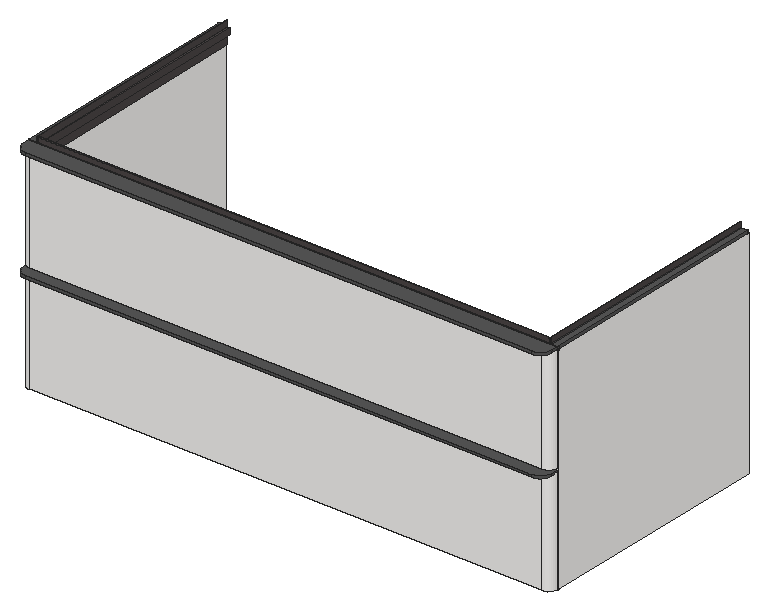
Revit family "vanity unit with 2 drawers for consoles with bowl", category Furniture, Revit 2019 (continued)
Definition of nested family "vanity unit 980_550 with 2 drawers for consoles with bowl-54081700-dark walnut-matt_white-200_content"
  Forms (mm)
    Extrusion 10, solid, visible <- "ContentVisible", detail levels medium+fine
      sketch origin (0, 0, 0) x (0, 0, -1) y (0, 1, 0)
        loop
          line (-496, -528.5) -> (-447, -528.5) -> (-447, -522.4) -> (-496, -522.4) -> (-496, -528.5)
      from -472.5 to 472.5
    Extrusion 11, solid, visible <- "ContentVisible", detail levels coarse
      sketch origin (0, -285.5, 0) x (1, 0, 0) y (0, 1, 0)
        loop
          line (-490, -285.5) -> (490, -285.5) -> (490, 285.5) -> (-490, 285.5) -> (-490, -285.5)
      from 0 to 496
  Dimensions and locks
    aligned and locked: level to plane 2
Definition of nested family "vanity unit 980_550 with 2 drawers for consoles with bowl-54081700-dark walnut-matt_white-400_content"
  Parameters (values of type "Vanity unit 980_550 with 2 drawers for consoles with bowl-54081700-Dark Walnut-MATT_WHITE-400_Content")
    etim7_EC011381 = "EC011381"
    WEIGHT = "37.4"
    UNSPSC = "56 | Furniture and Furnishings"
    UNIFORMATII = "E2010 | Fixed Furnishings"
    UNICLASS_2015_CODE = "40_30_78_05"
    UNICLASS2015 = "Pr_40_30_78_05 | Bathroom furniture"
    SURFACE = "MATT_WHITE"
    REGIONSET = "Worldwide"
    PRODUCTURL = "https://pro.hansgrohe.com/articledetail--54081000"
    PRODUCTGROUP = "vanity unit"
    PRODUCTFAMILY = "Xelu Q"
    PERMALINK = "54081XXX"
    OMNICLASS = "23-21 19 15 33 13 | Residential Bathroom Specialty Casework"
    OBJECTTYPE = "Object (single object)"
    OBERFLAECHE = "Dark Walnut"
    NN = "Vanity unit with 2 drawers for consoles with bowl"
    NBSYN = "$BASENUMBER.-$ARTNR.-$OBERFLAECHE.-$SURFACE.-$LODLEVEL."
    NB = "Vanity unit 980/550 with 2 drawers for consoles with bowl-54081700-Dark Walnut-MATT_WHITE-400"
    NAME = "Xelu Q Vanity unit Dark Walnut 980/550 with 2 drawers for consoles with bowl"
    Model = "Vanity unit 980/550 with 2 drawers for consoles with bowl-54081700-Dark Walnut-MATT_WHITE-400"
    Manufacturer = "Hansgrohe"
    MASTERFORMAT = "12 35 30.23 | Bathroom Casework"
    LODLEVEL = "400"
    LINA = "Vanity unit 980/550 with 2 drawers for consoles with bowl-54081700-Dark Walnut-MATT_WHITE-400"
    L = 980
    IFC = "Furnishing element"
    GTINCODE = "4059625456729"
    ETIM = "EC011381 | Bathroom furniture set"
    Default Elevation = 1219.2 mm
    DESIGN = "Germany"
    ContentVisible [instance] = yes
    CATALOG = "Hansgrohe"
    BIMOBJECT = "Sanitary: Compound units"
    BASENUMBER = "Vanity unit 980/550 with 2 drawers for consoles with bowl"
    ARTNR = "54081700"
  Reference planes
    plane 1 "Center (Front/Back)": y = 0
    plane 2: z = 0
    plane 3 "Center (Left/Right)": x = 0
  Forms (mm)
    Extrusion 1, solid, visible <- "ContentVisible", detail levels medium+fine
      sketch origin (0, 0, 0) x (1, 0, 0) y (0, 1, 0)
        loop
          line (-490, 0) -> (-490, -527)
          arc (-490, -527) -> (-489.121, -529.121) -> (-487, -530) r 3
          line (-487, -530) -> (-474, -530) -> (-474, 0) -> (-490, 0)
      from 0 to 480
    Extrusion 2, solid, visible <- "ContentVisible", detail levels medium+fine
      sketch origin (0, 0, 0) x (1, 0, 0) y (0, 1, 0)
        loop
          line (-474, -133) -> (-474, -499.5) -> (474, -499.5) -> (474, -133) -> (-474, -133)
      from 0 to 16
    Extrusion 3, solid, visible <- "ContentVisible", detail levels medium+fine
      sketch origin (0, 0, 0) x (1, 0, 0) y (0, 1, 0)
        loop
          line (474, 0) -> (474, -530) -> (487, -530)
          arc (487, -530) -> (489.121, -529.121) -> (490, -527) r 3
          line (490, -527) -> (490, 0) -> (474, 0)
      from 0 to 480
    Extrusion 4, solid, visible <- "ContentVisible", detail levels medium+fine
      sketch origin (0, 0, 0) x (1, 0, 0) y (0, 1, 0)
        loop
          line (-474, -117) -> (-474, -133) -> (474, -133) -> (474, -117) -> (-474, -117)
      from 0 to 126
    Extrusion 5, solid, visible <- "ContentVisible", detail levels medium+fine
      sketch origin (0, 0, 2) x (1, 0, 0) y (0, 1, 0)
        loop
          line (-490, -530) -> (-490, -532)
          arc (-490, -532) -> (-484.435, -545.435) -> (-471, -551) r 19
          line (-471, -551) -> (471, -551)
          arc (471, -551) -> (484.435, -545.435) -> (490, -532) r 19
          line (490, -532) -> (490, -530) -> (-490, -530)
      from 0 to 234
    Extrusion 6, solid, visible <- "ContentVisible", detail levels medium+fine
      sketch origin (0, 0, 234) x (1, 0, 0) y (0, 1, 0)
        loop
          line (-488.5, -530) -> (-488.5, -546)
          arc (-488.5, -546) -> (-481.178, -563.678) -> (-463.5, -571) r 25
          line (-463.5, -571) -> (463.5, -571)
          arc (463.5, -571) -> (481.178, -563.678) -> (488.5, -546) r 25
          line (488.5, -546) -> (488.5, -530) -> (468.5, -530) -> (468.5, -528.5) -> (-468.5, -528.5) -> (-468.5, -530) -> (-488.5, -530)
      from 0 to 5
    Extrusion 7, solid, visible <- "ContentVisible", detail levels medium+fine
      sketch origin (0, 0, 0) x (0, 0, -1) y (0, 1, 0)
        loop
          line (-239, -528.5) -> (-239, -530) -> (-209, -530) -> (-209, -528.5) -> (-239, -528.5)
      from -468.5 to 468.5
    Extrusion 8, solid, visible <- "ContentVisible", detail levels medium+fine
      sketch origin (0, 0, 245) x (1, 0, 0) y (0, 1, 0)
        loop
          line (-490, -530) -> (-490, -532)
          arc (-490, -532) -> (-484.435, -545.435) -> (-471, -551) r 19
          line (-471, -551) -> (471, -551)
          arc (471, -551) -> (484.435, -545.435) -> (490, -532) r 19
          line (490, -532) -> (490, -530) -> (-490, -530)
      from 0 to 235
    Extrusion 9, solid, visible <- "ContentVisible", detail levels medium+fine
      sketch origin (0, 0, 480) x (1, 0, 0) y (0, 1, 0)
        loop
          line (-488.5, -530) -> (-488.5, -546)
          arc (-488.5, -546) -> (-481.178, -563.678) -> (-463.5, -571) r 25
          line (-463.5, -571) -> (463.5, -571)
          arc (463.5, -571) -> (481.178, -563.678) -> (488.5, -546) r 25
          line (488.5, -546) -> (488.5, -530) -> (468.5, -530) -> (468.5, -528.5) -> (-468.5, -528.5) -> (-468.5, -530) -> (-488.5, -530)
      from 0 to 5
    Extrusion 10, solid, visible <- "ContentVisible", detail levels medium+fine
      sketch origin (0, 0, 0) x (0, 0, -1) y (0, 1, 0)
        loop
          line (-485, -528.5) -> (-485, -530) -> (-455, -530) -> (-455, -528.5) -> (-485, -528.5)
      from -468.5 to 468.5
    Extrusion 11, solid, visible <- "ContentVisible", detail levels medium+fine
      sketch origin (0, 0, 0) x (1, 0, 0) y (0, 0, -1)
        loop
          line (-474, -447) -> (-474, -485) -> (-472.5, -485) -> (-472.5, -447) -> (-474, -447)
      from -530 to 0
    Extrusion 12, solid, visible <- "ContentVisible", detail levels medium+fine
      sketch origin (0, 0, 0) x (1, 0, 0) y (0, 0, -1)
        loop
          line (472.5, -446.8) -> (472.5, -485) -> (474, -485) -> (474, -446.8) -> (472.5, -446.8)
      from -530 to 0
    Extrusion 13, solid, visible <- "ContentVisible", detail levels medium+fine
      sketch origin (0, 0, 480) x (1, 0, 0) y (0, 1, 0)
        loop
          line (-490, -3) -> (-490, -527)
          arc (-490, -527) -> (-489.121, -529.121) -> (-487, -530) r 3
          line (-487, -530) -> (-474, -530) -> (-474, 0) -> (-487, 0)
          arc (-487, 0) -> (-489.121, -0.879) -> (-490, -3) r 3
      from 0 to 5
    Extrusion 14, solid, visible <- "ContentVisible", detail levels medium+fine
      sketch origin (0, 0, 480) x (1, 0, 0) y (0, 1, 0)
        loop
          line (474, 0) -> (474, -530) -> (487, -530)
          arc (487, -530) -> (489.121, -529.121) -> (490, -527) r 3
          line (490, -527) -> (490, -3)
          arc (490, -3) -> (489.121, -0.879) -> (487, 0) r 3
          line (487, 0) -> (474, 0)
      from 0 to 5
    Extrusion 15, solid, visible <- "ContentVisible", detail levels medium+fine
      sketch origin (0, 0, 0) x (1, 0, 0) y (0, 0, -1)
        loop
          line (-472.5, -447) -> (-472.5, -496) -> (-471, -496) -> (-471, -483) -> (-466.4, -483) -> (-466.4, -468.5) -> (-471, -468.5) -> (-471, -447) -> (-472.5, -447)
      from -528.5 to 0
    Extrusion 16, solid, visible <- "ContentVisible", detail levels medium+fine
      sketch origin (0, 0, 0) x (1, 0, 0) y (0, 0, -1)
        loop
          line (466.4, -468.5) -> (466.4, -483) -> (471, -483) -> (471, -496) -> (472.5, -496) -> (472.5, -447) -> (471, -447) -> (471, -468.5) -> (466.4, -468.5)
      from -528.5 to 0
    Extrusion 17, solid, visible <- "ContentVisible", detail levels medium+fine
      sketch origin (0, 0, 0) x (0, 0, -1) y (0, 1, 0)
        loop
          line (-496, -528.5) -> (-447, -528.5) -> (-447, -527) -> (-468.5, -527) -> (-468.5, -522.4) -> (-483, -522.4) -> (-483, -527) -> (-496, -527) -> (-496, -528.5)
      from -472.5 to 472.5
    Extrusion 18, solid, visible <- "ContentVisible", detail levels coarse
      sketch origin (0, -285.5, 0) x (1, 0, 0) y (0, 1, 0)
        loop
          line (-490, -285.5) -> (490, -285.5) -> (490, 285.5) -> (-490, 285.5) -> (-490, -285.5)
      from 0 to 496
  Dimensions and locks
    aligned and locked: level to plane 2
Types (72, lengths in mm): name | WEIGHT | Vanity unit 980_550 with 2 drawers for consoles with bowl-54081700-Dark Walnut-MATT_WHITE-400_RX0RY0RZ0TX0TY0TZ0_V | Vanity unit 980_550 with 2 drawers for consoles with bowl-54081700-Dark Walnut-MATT_WHITE-200_RX0RY0RZ0TX0TY0TZ0_V | Vanity unit 980_550 with 2 drawers for consoles with bowl-54081670-Dark Walnut-MATT_BLACK-400_RX0RY0RZ0TX0TY0TZ0_V | Vanity unit 980_550 with 2 drawers for consoles with bowl-54081670-Dark Walnut-MATT_BLACK-200_RX0RY0RZ0TX0TY0TZ0_V | Vanity unit 980_550 with 2 drawers for consoles with bowl-54081000-Dark Walnut-CHROME-400_RX0RY0RZ0TX0TY0TZ0_V | Vanity unit 980_550 with 2 drawers for consoles with bowl-54081000-Dark Walnut-CHROME-200_RX0RY0RZ0TX0TY0TZ0_V | Vanity unit 980_550 with 2 drawers for consoles with bowl-54080700-Natural Oak-MATT_WHITE-400_RX0RY0RZ0TX0TY0TZ0_V | Vanity unit 980_550 with 2 drawers for consoles with bowl-54080700-Natural Oak-MATT_WHITE-200_RX0RY0RZ0TX0TY0TZ0_V | Vanity unit 980_550 with 2 drawers for consoles with bowl-54080670-Natural Oak-MATT_BLACK-400_RX0RY0RZ0TX0TY0TZ0_V | Vanity unit 980_550 with 2 drawers for consoles with bowl-54080670-Natural Oak-MATT_BLACK-200_RX0RY0RZ0TX0TY0TZ0_V | Vanity unit 980_550 with 2 drawers for consoles with bowl-54080000-Natural Oak-CHROME-400_RX0RY0RZ0TX0TY0TZ0_V | Vanity unit 980_550 with 2 drawers for consoles with bowl-54080000-Natural Oak-CHROME-200_RX0RY0RZ0TX0TY0TZ0_V | Vanity unit 980_550 with 2 drawers for consoles with bowl-54079700-Diamond Matt Grey-MATT_WHITE-400_RX0RY0RZ0TX0TY0TZ0_V | Vanity unit 980_550 with 2 drawers for consoles with bowl-54079700-Diamond Matt Grey-MATT_WHITE-200_RX0RY0RZ0TX0TY0TZ0_V | Vanity unit 980_550 with 2 drawers for consoles with bowl-54079670-Diamond Matt Grey-MATT_BLACK-400_RX0RY0RZ0TX0TY0TZ0_V | Vanity unit 980_550 with 2 drawers for consoles with bowl-54079670-Diamond Matt Grey-MATT_BLACK-200_RX0RY0RZ0TX0TY0TZ0_V | Vanity unit 980_550 with 2 drawers for consoles with bowl-54079000-Diamond Matt Grey-CHROME-400_RX0RY0RZ0TX0TY0TZ0_V | Vanity unit 980_550 with 2 drawers for consoles with bowl-54079000-Diamond Matt Grey-CHROME-200_RX0RY0RZ0TX0TY0TZ0_V | Vanity unit 980_550 with 2 drawers for consoles with bowl-54078700-High Gloss White-MATT_WHITE-400_RX0RY0RZ0TX0TY0TZ0_V | Vanity unit 980_550 with 2 drawers for consoles with bowl-54078700-High Gloss White-MATT_WHITE-200_RX0RY0RZ0TX0TY0TZ0_V | Vanity unit 980_550 with 2 drawers for consoles with bowl-54078670-High Gloss White-MATT_BLACK-400_RX0RY0RZ0TX0TY0TZ0_V | Vanity unit 980_550 with 2 drawers for consoles with bowl-54078670-High Gloss White-MATT_BLACK-200_RX0RY0RZ0TX0TY0TZ0_V | Vanity unit 980_550 with 2 drawers for consoles with bowl-54078000-High Gloss White-CHROME-400_RX0RY0RZ0TX0TY0TZ0_V | Vanity unit 980_550 with 2 drawers for consoles with bowl-54078000-High Gloss White-CHROME-200_RX0RY0RZ0TX0TY0TZ0_V | Vanity unit 780_550 with 2 drawers for consoles with bowl-54077700-Dark Walnut-MATT_WHITE-400_RX0RY0RZ0TX0TY0TZ0_V | Vanity unit 780_550 with 2 drawers for consoles with bowl-54077700-Dark Walnut-MATT_WHITE-200_RX0RY0RZ0TX0TY0TZ0_V | Vanity unit 780_550 with 2 drawers for consoles with bowl-54077670-Dark Walnut-MATT_BLACK-400_RX0RY0RZ0TX0TY0TZ0_V | Vanity unit 780_550 with 2 drawers for consoles with bowl-54077670-Dark Walnut-MATT_BLACK-200_RX0RY0RZ0TX0TY0TZ0_V | Vanity unit 780_550 with 2 drawers for consoles with bowl-54077000-Dark Walnut-CHROME-400_RX0RY0RZ0TX0TY0TZ0_V | Vanity unit 780_550 with 2 drawers for consoles with bowl-54077000-Dark Walnut-CHROME-200_RX0RY0RZ0TX0TY0TZ0_V | Vanity unit 780_550 with 2 drawers for consoles with bowl-54076700-Natural Oak-MATT_WHITE-400_RX0RY0RZ0TX0TY0TZ0_V | Vanity unit 780_550 with 2 drawers for consoles with bowl-54076700-Natural Oak-MATT_WHITE-200_RX0RY0RZ0TX0TY0TZ0_V | Vanity unit 780_550 with 2 drawers for consoles with bowl-54076670-Natural Oak-MATT_BLACK-400_RX0RY0RZ0TX0TY0TZ0_V | Vanity unit 780_550 with 2 drawers for consoles with bowl-54076670-Natural Oak-MATT_BLACK-200_RX0RY0RZ0TX0TY0TZ0_V | Vanity unit 780_550 with 2 drawers for consoles with bowl-54076000-Natural Oak-CHROME-400_RX0RY0RZ0TX0TY0TZ0_V | Vanity unit 780_550 with 2 drawers for consoles with bowl-54076000-Natural Oak-CHROME-200_RX0RY0RZ0TX0TY0TZ0_V | Vanity unit 780_550 with 2 drawers for consoles with bowl-54075700-Diamond Matt Grey-MATT_WHITE-400_RX0RY0RZ0TX0TY0TZ0_V | Vanity unit 780_550 with 2 drawers for consoles with bowl-54075700-Diamond Matt Grey-MATT_WHITE-200_RX0RY0RZ0TX0TY0TZ0_V | Vanity unit 780_550 with 2 drawers for consoles with bowl-54075670-Diamond Matt Grey-MATT_BLACK-400_RX0RY0RZ0TX0TY0TZ0_V | Vanity unit 780_550 with 2 drawers for consoles with bowl-54075670-Diamond Matt Grey-MATT_BLACK-200_RX0RY0RZ0TX0TY0TZ0_V | Vanity unit 780_550 with 2 drawers for consoles with bowl-54075000-Diamond Matt Grey-CHROME-400_RX0RY0RZ0TX0TY0TZ0_V | Vanity unit 780_550 with 2 drawers for consoles with bowl-54075000-Diamond Matt Grey-CHROME-200_RX0RY0RZ0TX0TY0TZ0_V | Vanity unit 780_550 with 2 drawers for consoles with bowl-54074700-High Gloss White-MATT_WHITE-400_RX0RY0RZ0TX0TY0TZ0_V | Vanity unit 780_550 with 2 drawers for consoles with bowl-54074700-High Gloss White-MATT_WHITE-200_RX0RY0RZ0TX0TY0TZ0_V | Vanity unit 780_550 with 2 drawers for consoles with bowl-54074670-High Gloss White-MATT_BLACK-400_RX0RY0RZ0TX0TY0TZ0_V | Vanity unit 780_550 with 2 drawers for consoles with bowl-54074670-High Gloss White-MATT_BLACK-200_RX0RY0RZ0TX0TY0TZ0_V | Vanity unit 780_550 with 2 drawers for consoles with bowl-54074000-High Gloss White-CHROME-400_RX0RY0RZ0TX0TY0TZ0_V | Vanity unit 780_550 with 2 drawers for consoles with bowl-54074000-High Gloss White-CHROME-200_RX0RY0RZ0TX0TY0TZ0_V | Vanity unit 1180_550 with 2 drawers for consoles with bowl-54085700-Dark Walnut-MATT_WHITE-400_RX0RY0RZ0TX0TY0TZ0_V | Vanity unit 1180_550 with 2 drawers for consoles with bowl-54085700-Dark Walnut-MATT_WHITE-200_RX0RY0RZ0TX0TY0TZ0_V | Vanity unit 1180_550 with 2 drawers for consoles with bowl-54085670-Dark Walnut-MATT_BLACK-400_RX0RY0RZ0TX0TY0TZ0_V | Vanity unit 1180_550 with 2 drawers for consoles with bowl-54085670-Dark Walnut-MATT_BLACK-200_RX0RY0RZ0TX0TY0TZ0_V | Vanity unit 1180_550 with 2 drawers for consoles with bowl-54085000-Dark Walnut-CHROME-400_RX0RY0RZ0TX0TY0TZ0_V | Vanity unit 1180_550 with 2 drawers for consoles with bowl-54085000-Dark Walnut-CHROME-200_RX0RY0RZ0TX0TY0TZ0_V | Vanity unit 1180_550 with 2 drawers for consoles with bowl-54084700-Natural Oak-MATT_WHITE-400_RX0RY0RZ0TX0TY0TZ0_V | Vanity unit 1180_550 with 2 drawers for consoles with bowl-54084700-Natural Oak-MATT_WHITE-200_RX0RY0RZ0TX0TY0TZ0_V | Vanity unit 1180_550 with 2 drawers for consoles with bowl-54084670-Natural Oak-MATT_BLACK-400_RX0RY0RZ0TX0TY0TZ0_V | Vanity unit 1180_550 with 2 drawers for consoles with bowl-54084670-Natural Oak-MATT_BLACK-200_RX0RY0RZ0TX0TY0TZ0_V | Vanity unit 1180_550 with 2 drawers for consoles with bowl-54084000-Natural Oak-CHROME-400_RX0RY0RZ0TX0TY0TZ0_V | Vanity unit 1180_550 with 2 drawers for consoles with bowl-54084000-Natural Oak-CHROME-200_RX0RY0RZ0TX0TY0TZ0_V | Vanity unit 1180_550 with 2 drawers for consoles with bowl-54083700-Diamond Matt Grey-MATT_WHITE-400_RX0RY0RZ0TX0TY0TZ0_V | Vanity unit 1180_550 with 2 drawers for consoles with bowl-54083700-Diamond Matt Grey-MATT_WHITE-200_RX0RY0RZ0TX0TY0TZ0_V | Vanity unit 1180_550 with 2 drawers for consoles with bowl-54083670-Diamond Matt Grey-MATT_BLACK-400_RX0RY0RZ0TX0TY0TZ0_V | Vanity unit 1180_550 with 2 drawers for consoles with bowl-54083670-Diamond Matt Grey-MATT_BLACK-200_RX0RY0RZ0TX0TY0TZ0_V | Vanity unit 1180_550 with 2 drawers for consoles with bowl-54083000-Diamond Matt Grey-CHROME-400_RX0RY0RZ0TX0TY0TZ0_V | Vanity unit 1180_550 with 2 drawers for consoles with bowl-54083000-Diamond Matt Grey-CHROME-200_RX0RY0RZ0TX0TY0TZ0_V | Vanity unit 1180_550 with 2 drawers for consoles with bowl-54082700-High Gloss White-MATT_WHITE-400_RX0RY0RZ0TX0TY0TZ0_V | Vanity unit 11
  80_550 with 2 drawers for consoles with bowl-54082700-High Gloss White-MATT_WHITE-200_RX0RY0RZ0TX0TY0TZ0_V | Vanity unit 1180_550 with 2 drawers for consoles with bowl-54082670-High Gloss White-MATT_BLACK-400_RX0RY0RZ0TX0TY0TZ0_V | Vanity unit 1180_550 with 2 drawers for consoles with bowl-54082670-High Gloss White-MATT_BLACK-200_RX0RY0RZ0TX0TY0TZ0_V | Vanity unit 1180_550 with 2 drawers for consoles with bowl-54082000-High Gloss White-CHROME-400_RX0RY0RZ0TX0TY0TZ0_V | Vanity unit 1180_550 with 2 drawers for consoles with bowl-54082000-High Gloss White-CHROME-200_RX0RY0RZ0TX0TY0TZ0_V | SURFACE | PRODUCTURL | PERMALINK | OBERFLAECHE | NB | NAME | Model | MIdent | LODLEVEL | LINA | L | GTINCODE | BASENUMBER | ARTNR
  Vanity unit 1180_550 with 2 drawers for consoles with bowl-54082000-High Gloss White-CHROME-200 | "42.7" | no | no | no | no | no | no | no | no | no | no | no | no | no | no | no | no | no | no | no | no | no | no | no | no | no | no | no | no | no | no | no | no | no | no | no | no | no | no | no | no | no | no | no | no | no | no | no | no | no | no | no | no | no | no | no | no | no | no | no | no | no | no | no | no | no | no | no | no | no | no | no | yes | "CHROME" | "https://pro.hansgrohe.com/articledetail--54082000" | "54082XXX" | "High Gloss White" | "Vanity unit 1180/550 with 2 drawers for consoles with bowl-54082000-High Gloss White-CHROME-200" | "Xelu Q Vanity unit High Gloss White 1180/550 with 2 drawers for consoles with bowl" | "Vanity unit 1180/550 with 2 drawers for consoles with bowl-54082000-High Gloss White-CHROME-200" | "{$CADENAS_DATA/23d-libs/hansgrohe/xelu_furniture/vanity_unit_2_drawers_for_consoles_with_bowl/vanity_unit_2_drawers_for_consoles_with_bowl.prj},382 {VTYP=3D},{NB=Vanity unit 1180/550 with 2 drawers for consoles with bowl-54082000-High Gloss White-CHROME-200},{LINA=Vanity unit 1180/550 with 2 drawers for consoles with bowl-54082000-High Gloss White-CHROME-200},{NN=Vanity unit with 2 drawers for consoles with bowl},{DATE=13.03.2023 03:03:55},{GEOMDATE=08.03.2023 13:53:52},{VERSION=},{LINEID=490},{WBVAR=LODLEVEL},{WBNUMERIC=}  {NB=Vanity unit 1180/550 with 2 drawers for consoles with bowl-54082000-High Gloss White-CHROME-200},{LINA=Vanity unit 1180/550 with 2 drawers for consoles with bowl-54082000-High Gloss White-CHROME-200},{KT=DUMMY},{IDNR=25},{ARTNR=54082000},{BASENUMBER=Vanity unit 1180/550 with 2 drawers for consoles with bowl},{MODEL=54082XXX},{OBERFLAECHE=High Gloss White},{SURFACE=CHROME},{L=1180},{LODLEVEL=200},{LODLEVELX='400','400','200','200'},{NAME=Xelu Q Vanity unit High Gloss White 1180/550 with 2 drawers for consoles with bowl},{PERMALINK=54082XXX},{OBJECTTYPE=Object (single object)},{BIMOBJECT=Sanitary: Compound units},{PRODUCTFAMILY=Xelu Q},{PRODUCTGROUP=vanity unit},{WEIGHT=42.7},{DESCRIPTION=Xelu Q Vanity unit High Gloss White 1180/550 with 2 drawers for consoles with bowl},{SPECIFICATION=},{PRODUCTURL=https://pro.hansgrohe.com/articledetail--54082000},{GTINCODE=4059625456699},{TENDERURL=},{IFC=Furnishing element},{ETIM=EC011381 | Bathroom furniture set},{UNICLASS2015=Pr_40_30_78_05 | Bathroom furniture},{OMNICLASS=23-21 19 15 33 13 | Residential Bathroom Specialty Casework},{MASTERFORMAT=12 35 30.23 | Bathroom Casework},{UNSPSC=56 | Furniture and Furnishings},{UNIFORMATII=E2010 | Fixed Furnishings},{DESIGN=Germany},{MANUFACTURER=Germany},{REGIONSET=Worldwide}" | "200" | "Vanity unit 1180/550 with 2 drawers for consoles with bowl-54082000-High Gloss White-CHROME-200" | 1180 | "4059625456699" | "Vanity unit 1180/550 with 2 drawers for consoles with bowl" | "54082000"
  Vanity unit 1180_550 with 2 drawers for consoles with bowl-54082000-High Gloss White-CHROME-400 | "42.7" | no | no | no | no | no | no | no | no | no | no | no | no | no | no | no | no | no | no | no | no | no | no | no | no | no | no | no | no | no | no | no | no | no | no | no | no | no | no | no | no | no | no | no | no | no | no | no | no | no | no | no | no | no | no | no | no | no | no | no | no | no | no | no | no | no | no | no | no | no | no | yes | no | "CHROME" | "https://pro.hansgrohe.com/articledetail--54082000" | "54082XXX" | "High Gloss White" | "Vanity unit 1180/550 with 2 drawers for consoles with bowl-54082000-High Gloss White-CHROME-400" | "Xelu Q Vanity unit High Gloss White 1180/550 with 2 drawers for consoles with bowl" | "Vanity unit 1180/550 with 2 drawers for consoles with bowl-54082000-High Gloss White-CHROME-400" | "{$CADENAS_DATA/23d-libs/hansgrohe/xelu_furniture/vanity_unit_2_drawers_for_consoles_with_bowl/vanity_unit_2_drawers_for_consoles_with_bowl.prj},382 {VTYP=3D},{NB=Vanity unit 1180/550 with 2 drawers for consoles with bowl-54082000-High Gloss White-CHROME-400},{LINA=Vanity unit 1180/550 with 2 drawers for consoles with bowl-54082000-High Gloss White-CHROME-400},{NN=Vanity unit with 2 drawers for consoles with bowl},{DATE=13.03.2023 03:03:55},{GEOMDATE=08.03.2023 13:53:52},{VERSION=},{LINEID=490},{WBVAR=LODLEVEL},{WBNUMERIC=}  {NB=Vanity unit 1180/550 with 2 drawers for consoles with bowl-54082000-High Gloss White-CHROME-400},{LINA=Vanity unit 1180/550 with 2 drawers for consoles with bowl-54082000-High Gloss White-CHROME-400},{KT=DUMMY},{IDNR=25},{ARTNR=54082000},{BASENUMBER=Vanity unit 1180/550 with 2 drawers for consoles with bowl},{MODEL=54082XXX},{OBERFLAECHE=High Gloss White},{SURFACE=CHROME},{L=1180},{LODLEVEL=400},{LODLEVELX='400','400','200','200'},{NAME=Xelu Q Vanity unit High Gloss White 1180/550 with 2 drawers for consoles with bowl},{PERMALINK=54082XXX},{OBJECTTYPE=Object (single object)},{BIMOBJECT=Sanitary: Compound units},{PRODUCTFAMILY=Xelu Q},{PRODUCTGROUP=vanity unit},{WEIGHT=42.7},{DESCRIPTION=Xelu Q Vanity unit High Gloss White 1180/550 with 2 drawers for consoles with bowl},{SPECIFICATION=},{PRODUCTURL=https://pro.hansgrohe.com/articledetail--54082000},{GTINCODE=4059625456699},{TENDERURL=},{IFC=Furnishing element},{ETIM=EC011381 | Bathroom furniture set},{UNICLASS2015=Pr_40_30_78_05 | Bathroom furniture},{OMNICLASS=23-21 19 15 33 13 | Residential Bathroom Specialty Casework},{MASTERFORMAT=12 35 30.23 | Bathroom Casework},{UNSPSC=56 | Furniture and Furnishings},{UNIFORMATII=E2010 | Fixed Furnishings},{DESIGN=Germany},{MANUFACTURER=Germany},{REGIONSET=Worldwide}" | "400" | "Vanity unit 1180/550 with 2 drawers for consoles with bowl-54082000-High Gloss White-CHROME-400" | 1180 | "4059625456699" | "Vanity unit 1180/550 with 2 drawers for consoles with bowl" | "54082000"
  Vanity unit 1180_550 with 2 drawers for consoles with bowl-54082670-High Gloss White-MATT_BLACK-200 | "42.7" | no | no | no | no | no | no | no | no | no | no | no | no | no | no | no | no | no | no | no | no | no | no | no | no | no | no | no | no | no | no | no | no | no | no | no | no | no | no | no | no | no | no | no | no | no | no | no | no | no | no | no | no | no | no | no | no | no | no | no | no | no | no | no | no | no | no | no | no | no | yes | no | no | "MATT_BLACK" | "https://pro.hansgrohe.com/articledetail--54082000" | "54082XXX" | "High Gloss White" | "Vanity unit 1180/550 with 2 drawers for consoles with bowl-54082670-High Gloss White-MATT_BLACK-200" | "Xelu Q Vanity unit High Gloss White 1180/550 with 2 drawers for consoles with bowl" | "Vanity unit 1180/550 with 2 drawers for consoles with bowl-54082670-High Gloss White-MATT_BLACK-200" | "{$CADENAS_DATA/23d-libs/hansgrohe/xelu_furniture/vanity_unit_2_drawers_for_consoles_with_bowl/vanity_unit_2_drawers_for_consoles_with_bowl.prj},390 {VTYP=3D},{NB=Vanity unit 1180/550 with 2 drawers for consoles with bowl-54082670-High Gloss White-MATT_BLACK-200},{LINA=Vanity unit 1180/550 with 2 drawers for consoles with bowl-54082670-High Gloss White-MATT_BLACK-200},{NN=Vanity unit with 2 drawers for consoles with bowl},{DATE=13.03.2023 03:03:55},{GEOMDATE=08.03.2023 13:53:52},{VERSION=},{LINEID=510},{WBVAR=LODLEVEL},{WBNUMERIC=}  {NB=Vanity unit 1180/550 with 2 drawers for consoles with bowl-54082670-High Gloss White-MATT_BLACK-200},{LINA=Vanity unit 1180/550 with 2 drawers for consoles with bowl-54082670-High Gloss White-MATT_BLACK-200},{KT=DUMMY},{IDNR=27},{ARTNR=54082670},{BASENUMBER=Vanity unit 1180/550 with 2 drawers for consoles with bowl},{MODEL=54082XXX},{OBERFLAECHE=High Gloss White},{SURFACE=MATT_BLACK},{L=1180},{LODLEVEL=200},{LODLEVELX='400','400','200','200'},{NAME=Xelu Q Vanity unit High Gloss White 1180/550 with 2 drawers for consoles with bowl},{PERMALINK=54082XXX},{OBJECTTYPE=Object (single object)},{BIMOBJECT=Sanitary: Compound units},{PRODUCTFAMILY=Xelu Q},{PRODUCTGROUP=vanity unit},{WEIGHT=42.7},{DESCRIPTION=Xelu Q Vanity unit High Gloss White 1180/550 with 2 drawers for consoles with bowl},{SPECIFICATION=},{PRODUCTURL=https://pro.hansgrohe.com/articledetail--54082000},{GTINCODE=4059625456699},{TENDERURL=},{IFC=Furnishing element},{ETIM=EC011381 | Bathroom furniture set},{UNICLASS2015=Pr_40_30_78_05 | Bathroom furniture},{OMNICLASS=23-21 19 15 33 13 | Residential Bathroom Specialty Casework},{MASTERFORMAT=12 35 30.23 | Bathroom Casework},{UNSPSC=56 | Furniture and Furnishings},{UNIFORMATII=E2010 | Fixed Furnishings},{DESIGN=Germany},{MANUFACTURER=Germany},{REGIONSET=Worldwide}" | "200" | "Vanity unit 1180/550 with 2 drawers for consoles with bowl-54082670-High Gloss White-MATT_BLACK-200" | 1180 | "4059625456699" | "Vanity unit 1180/550 with 2 drawers for consoles with bowl" | "54082670"
  Vanity unit 1180_550 with 2 drawers for consoles with bowl-54082670-High Gloss White-MATT_BLACK-400 | "42.7" | no | no | no | no | no | no | no | no | no | no | no | no | no | no | no | no | no | no | no | no | no | no | no | no | no | no | no | no | no | no | no | no | no | no | no | no | no | no | no | no | no | no | no | no | no | no | no | no | no | no | no | no | no | no | no | no | no | no | no | no | no | no | no | no | no | no | no | no | yes | no | no | no | "MATT_BLACK" | "https://pro.hansgrohe.com/articledetail--54082000" | "54082XXX" | "High Gloss White" | "Vanity unit 1180/550 with 2 drawers for consoles with bowl-54082670-High Gloss White-MATT_BLACK-400" | "Xelu Q Vanity unit High Gloss White 1180/550 with 2 drawers for consoles with bowl" | "Vanity unit 1180/550 with 2 drawers for consoles with bowl-54082670-High Gloss White-MATT_BLACK-400" | "{$CADENAS_DATA/23d-libs/hansgrohe/xelu_furniture/vanity_unit_2_drawers_for_consoles_with_bowl/vanity_unit_2_drawers_for_consoles_with_bowl.prj},390 {VTYP=3D},{NB=Vanity unit 1180/550 with 2 drawers for consoles with bowl-54082670-High Gloss White-MATT_BLACK-400},{LINA=Vanity unit 1180/550 with 2 drawers for consoles with bowl-54082670-High Gloss White-MATT_BLACK-400},{NN=Vanity unit with 2 drawers for consoles with bowl},{DATE=13.03.2023 03:03:55},{GEOMDATE=08.03.2023 13:53:52},{VERSION=},{LINEID=510},{WBVAR=LODLEVEL},{WBNUMERIC=}  {NB=Vanity unit 1180/550 with 2 drawers for consoles with bowl-54082670-High Gloss White-MATT_BLACK-400},{LINA=Vanity unit 1180/550 with 2 drawers for consoles with bowl-54082670-High Gloss White-MATT_BLACK-400},{KT=DUMMY},{IDNR=27},{ARTNR=54082670},{BASENUMBER=Vanity unit 1180/550 with 2 drawers for consoles with bowl},{MODEL=54082XXX},{OBERFLAECHE=High Gloss White},{SURFACE=MATT_BLACK},{L=1180},{LODLEVEL=400},{LODLEVELX='400','400','200','200'},{NAME=Xelu Q Vanity unit High Gloss White 1180/550 with 2 drawers for consoles with bowl},{PERMALINK=54082XXX},{OBJECTTYPE=Object (single object)},{BIMOBJECT=Sanitary: Compound units},{PRODUCTFAMILY=Xelu Q},{PRODUCTGROUP=vanity unit},{WEIGHT=42.7},{DESCRIPTION=Xelu Q Vanity unit High Gloss White 1180/550 with 2 drawers for consoles with bowl},{SPECIFICATION=},{PRODUCTURL=https://pro.hansgrohe.com/articledetail--54082000},{GTINCODE=4059625456699},{TENDERURL=},{IFC=Furnishing element},{ETIM=EC011381 | Bathroom furniture set},{UNICLASS2015=Pr_40_30_78_05 | Bathroom furniture},{OMNICLASS=23-21 19 15 33 13 | Residential Bathroom Specialty Casework},{MASTERFORMAT=12 35 30.23 | Bathroom Casework},{UNSPSC=56 | Furniture and Furnishings},{UNIFORMATII=E2010 | Fixed Furnishings},{DESIGN=Germany},{MANUFACTURER=Germany},{REGIONSET=Worldwide}" | "400" | "Vanity unit 1180/550 with 2 drawers for consoles with bowl-54082670-High Gloss White-MATT_BLACK-400" | 1180 | "4059625456699" | "Vanity unit 1180/550 with 2 drawers for consoles with bowl" | "54082670"
  Vanity unit 1180_550 with 2 drawers for consoles with bowl-54082700-High Gloss White-MATT_WHITE-200 | "42.7" | no | no | no | no | no | no | no | no | no | no | no | no | no | no | no | no | no | no | no | no | no | no | no | no | no | no | no | no | no | no | no | no | no | no | no | no | no | no | no | no | no | no | no | no | no | no | no | no | no | no | no | no | no | no | no | no | no | no | no | no | no | no | no | no | no | no | no | yes | no | no | no | no | "MATT_WHITE" | "https://pro.hansgrohe.com/articledetail--54082000" | "54082XXX" | "High Gloss White" | "Vanity unit 1180/550 with 2 drawers for consoles with bowl-54082700-High Gloss White-MATT_WHITE-200" | "Xelu Q Vanity unit High Gloss White 1180/550 with 2 drawers for consoles with bowl" | "Vanity unit 1180/550 with 2 drawers for consoles with bowl-54082700-High Gloss White-MATT_WHITE-200" | "{$CADENAS_DATA/23d-libs/hansgrohe/xelu_furniture/vanity_unit_2_drawers_for_consoles_with_bowl/vanity_unit_2_drawers_for_consoles_with_bowl.prj},390 {VTYP=3D},{NB=Vanity unit 1180/550 with 2 drawers for consoles with bowl-54082700-High Gloss White-MATT_WHITE-200},{LINA=Vanity unit 1180/550 with 2 drawers for consoles with bowl-54082700-High Gloss White-MATT_WHITE-200},{NN=Vanity unit with 2 drawers for consoles with bowl},{DATE=13.03.2023 03:03:55},{GEOMDATE=08.03.2023 13:53:52},{VERSION=},{LINEID=500},{WBVAR=LODLEVEL},{WBNUMERIC=}  {NB=Vanity unit 1180/550 with 2 drawers for consoles with bowl-54082700-High Gloss White-MATT_WHITE-200},{LINA=Vanity unit 1180/550 with 2 drawers for consoles with bowl-54082700-High Gloss White-MATT_WHITE-200},{KT=DUMMY},{IDNR=26},{ARTNR=54082700},{BASENUMBER=Vanity unit 1180/550 with 2 drawers for consoles with bowl},{MODEL=54082XXX},{OBERFLAECHE=High Gloss White},{SURFACE=MATT_WHITE},{L=1180},{LODLEVEL=200},{LODLEVELX='400','400','200','200'},{NAME=Xelu Q Vanity unit High Gloss White 1180/550 with 2 drawers for consoles with bowl},{PERMALINK=54082XXX},{OBJECTTYPE=Object (single object)},{BIMOBJECT=Sanitary: Compound units},{PRODUCTFAMILY=Xelu Q},{PRODUCTGROUP=vanity unit},{WEIGHT=42.7},{DESCRIPTION=Xelu Q Vanity unit High Gloss White 1180/550 with 2 drawers for consoles with bowl},{SPECIFICATION=},{PRODUCTURL=https://pro.hansgrohe.com/articledetail--54082000},{GTINCODE=4059625456699},{TENDERURL=},{IFC=Furnishing element},{ETIM=EC011381 | Bathroom furniture set},{UNICLASS2015=Pr_40_30_78_05 | Bathroom furniture},{OMNICLASS=23-21 19 15 33 13 | Residential Bathroom Specialty Casework},{MASTERFORMAT=12 35 30.23 | Bathroom Casework},{UNSPSC=56 | Furniture and Furnishings},{UNIFORMATII=E2010 | Fixed Furnishings},{DESIGN=Germany},{MANUFACTURER=Germany},{REGIONSET=Worldwide}" | "200" | "Vanity unit 1180/550 with 2 drawers for consoles with bowl-54082700-High Gloss White-MATT_WHITE-200" | 1180 | "4059625456699" | "Vanity unit 1180/550 with 2 drawers for consoles with bowl" | "54082700"
  Vanity unit 1180_550 with 2 drawers for consoles with bowl-54082700-High Gloss White-MATT_WHITE-400 | "42.7" | no | no | no | no | no | no | no | no | no | no | no | no | no | no | no | no | no | no | no | no | no | no | no | no | no | no | no | no | no | no | no | no | no | no | no | no | no | no | no | no | no | no | no | no | no | no | no | no | no | no | no | no | no | no | no | no | no | no | no | no | no | no | no | no | no | no | yes | no | no | no | no | no | "MATT_WHITE" | "https://pro.hansgrohe.com/articledetail--54082000" | "54082XXX" | "High Gloss White" | "Vanity unit 1180/550 with 2 drawers for consoles with bowl-54082700-High Gloss White-MATT_WHITE-400" | "Xelu Q Vanity unit High Gloss White 1180/550 with 2 drawers for consoles with bowl" | "Vanity unit 1180/550 with 2 drawers for consoles with bowl-54082700-High Gloss White-MATT_WHITE-400" | "{$CADENAS_DATA/23d-libs/hansgrohe/xelu_furniture/vanity_unit_2_drawers_for_consoles_with_bowl/vanity_unit_2_drawers_for_consoles_with_bowl.prj},390 {VTYP=3D},{NB=Vanity unit 1180/550 with 2 drawers for consoles with bowl-54082700-High Gloss White-MATT_WHITE-400},{LINA=Vanity unit 1180/550 with 2 drawers for consoles with bowl-54082700-High Gloss White-MATT_WHITE-400},{NN=Vanity unit with 2 drawers for consoles with bowl},{DATE=13.03.2023 03:03:55},{GEOMDATE=08.03.2023 13:53:52},{VERSION=},{LINEID=500},{WBVAR=LODLEVEL},{WBNUMERIC=}  {NB=Vanity unit 1180/550 with 2 drawers for consoles with bowl-54082700-High Gloss White-MATT_WHITE-400},{LINA=Vanity unit 1180/550 with 2 drawers for consoles with bowl-54082700-High Gloss White-MATT_WHITE-400},{KT=DUMMY},{IDNR=26},{ARTNR=54082700},{BASENUMBER=Vanity unit 1180/550 with 2 drawers for consoles with bowl},{MODEL=54082XXX},{OBERFLAECHE=High Gloss White},{SURFACE=MATT_WHITE},{L=1180},{LODLEVEL=400},{LODLEVELX='400','400','200','200'},{NAME=Xelu Q Vanity unit High Gloss White 1180/550 with 2 drawers for consoles with bowl},{PERMALINK=54082XXX},{OBJECTTYPE=Object (single object)},{BIMOBJECT=Sanitary: Compound units},{PRODUCTFAMILY=Xelu Q},{PRODUCTGROUP=vanity unit},{WEIGHT=42.7},{DESCRIPTION=Xelu Q Vanity unit High Gloss White 1180/550 with 2 drawers for consoles with bowl},{SPECIFICATION=},{PRODUCTURL=https://pro.hansgrohe.com/articledetail--54082000},{GTINCODE=4059625456699},{TENDERURL=},{IFC=Furnishing element},{ETIM=EC011381 | Bathroom furniture set},{UNICLASS2015=Pr_40_30_78_05 | Bathroom furniture},{OMNICLASS=23-21 19 15 33 13 | Residential Bathroom Specialty Casework},{MASTERFORMAT=12 35 30.23 | Bathroom Casework},{UNSPSC=56 | Furniture and Furnishings},{UNIFORMATII=E2010 | Fixed Furnishings},{DESIGN=Germany},{MANUFACTURER=Germany},{REGIONSET=Worldwide}" | "400" | "Vanity unit 1180/550 with 2 drawers for consoles with bowl-54082700-High Gloss White-MATT_WHITE-400" | 1180 | "4059625456699" | "Vanity unit 1180/550 with 2 drawers for consoles with bowl" | "54082700"
  Vanity unit 1180_550 with 2 drawers for consoles with bowl-54083000-Diamond Matt Grey-CHROME-200 | "42.7" | no | no | no | no | no | no | no | no | no | no | no | no | no | no | no | no | no | no | no | no | no | no | no | no | no | no | no | no | no | no | no | no | no | no | no | no | no | no | no | no | no | no | no | no | no | no | no | no | no | no | no | no | no | no | no | no | no | no | no | no | no | no | no | no | no | yes | no | no | no | no | no | no | "CHROME" | "https://pro.hansgrohe.com/articledetail--54083000" | "54083XXX" | "Diamond Matt Grey" | "Vanity unit 1180/550 with 2 drawers for consoles with bowl-54083000-Diamond Matt Grey-CHROME-200" | "Xelu Q Vanity unit Diamond Matt Grey 1180/550 with 2 drawers for consoles with bowl" | "Vanity unit 1180/550 with 2 drawers for consoles with bowl-54083000-Diamond Matt Grey-CHROME-200" | "{$CADENAS_DATA/23d-libs/hansgrohe/xelu_furniture/vanity_unit_2_drawers_for_consoles_with_bowl/vanity_unit_2_drawers_for_consoles_with_bowl.prj},384 {VTYP=3D},{NB=Vanity unit 1180/550 with 2 drawers for consoles with bowl-54083000-Diamond Matt Grey-CHROME-200},{LINA=Vanity unit 1180/550 with 2 drawers for consoles with bowl-54083000-Diamond Matt Grey-CHROME-200},{NN=Vanity unit with 2 drawers for consoles with bowl},{DATE=13.03.2023 03:03:55},{GEOMDATE=08.03.2023 13:53:52},{VERSION=},{LINEID=520},{WBVAR=LODLEVEL},{WBNUMERIC=}  {NB=Vanity unit 1180/550 with 2 drawers for consoles with bowl-54083000-Diamond Matt Grey-CHROME-200},{LINA=Vanity unit 1180/550 with 2 drawers for consoles with bowl-54083000-Diamond Matt Grey-CHROME-200},{KT=DUMMY},{IDNR=28},{ARTNR=54083000},{BASENUMBER=Vanity unit 1180/550 with 2 drawers for consoles with bowl},{MODEL=54083XXX},{OBERFLAECHE=Diamond Matt Grey},{SURFACE=CHROME},{L=1180},{LODLEVEL=200},{LODLEVELX='400','400','200','200'},{NAME=Xelu Q Vanity unit Diamond Matt Grey 1180/550 with 2 drawers for consoles with bowl},{PERMALINK=54083XXX},{OBJECTTYPE=Object (single object)},{BIMOBJECT=Sanitary: Compound units},{PRODUCTFAMILY=Xelu Q},{PRODUCTGROUP=vanity unit},{WEIGHT=42.7},{DESCRIPTION=Xelu Q Vanity unit Diamond Matt Grey 1180/550 with 2 drawers for consoles with bowl},{SPECIFICATION=},{PRODUCTURL=https://pro.hansgrohe.com/articledetail--54083000},{GTINCODE=4059625456668},{TENDERURL=},{IFC=Furnishing element},{ETIM=EC011381 | Bathroom furniture set},{UNICLASS2015=Pr_40_30_78_05 | Bathroom furniture},{OMNICLASS=23-21 19 15 33 13 | Residential Bathroom Specialty Casework},{MASTERFORMAT=12 35 30.23 | Bathroom Casework},{UNSPSC=56 | Furniture and Furnishings},{UNIFORMATII=E2010 | Fixed Furnishings},{DESIGN=Germany},{MANUFACTURER=Germany},{REGIONSET=Worldwide}" | "200" | "Vanity unit 1180/550 with 2 drawers for consoles with bowl-54083000-Diamond Matt Grey-CHROME-200" | 1180 | "4059625456668" | "Vanity unit 1180/550 with 2 drawers for consoles with bowl" | "54083000"
  Vanity unit 1180_550 with 2 drawers for consoles with bowl-54083000-Diamond Matt Grey-CHROME-400 | "42.7" | no | no | no | no | no | no | no | no | no | no | no | no | no | no | no | no | no | no | no | no | no | no | no | no | no | no | no | no | no | no | no | no | no | no | no | no | no | no | no | no | no | no | no | no | no | no | no | no | no | no | no | no | no | no | no | no | no | no | no | no | no | no | no | no | yes | no | no | no | no | no | no | no | "CHROME" | "https://pro.hansgrohe.com/articledetail--54083000" | "54083XXX" | "Diamond Matt Grey" | "Vanity unit 1180/550 with 2 drawers for consoles with bowl-54083000-Diamond Matt Grey-CHROME-400" | "Xelu Q Vanity unit Diamond Matt Grey 1180/550 with 2 drawers for consoles with bowl" | "Vanity unit 1180/550 with 2 drawers for consoles with bowl-54083000-Diamond Matt Grey-CHROME-400" | "{$CADENAS_DATA/23d-libs/hansgrohe/xelu_furniture/vanity_unit_2_drawers_for_consoles_with_bowl/vanity_unit_2_drawers_for_consoles_with_bowl.prj},384 {VTYP=3D},{NB=Vanity unit 1180/550 with 2 drawers for consoles with bowl-54083000-Diamond Matt Grey-CHROME-400},{LINA=Vanity unit 1180/550 with 2 drawers for consoles with bowl-54083000-Diamond Matt Grey-CHROME-400},{NN=Vanity unit with 2 drawers for consoles with bowl},{DATE=13.03.2023 03:03:55},{GEOMDATE=08.03.2023 13:53:52},{VERSION=},{LINEID=520},{WBVAR=LODLEVEL},{WBNUMERIC=}  {NB=Vanity unit 1180/550 with 2 drawers for consoles with bowl-54083000-Diamond Matt Grey-CHROME-400},{LINA=Vanity unit 1180/550 with 2 drawers for consoles with bowl-54083000-Diamond Matt Grey-CHROME-400},{KT=DUMMY},{IDNR=28},{ARTNR=54083000},{BASENUMBER=Vanity unit 1180/550 with 2 drawers for consoles with bowl},{MODEL=54083XXX},{OBERFLAECHE=Diamond Matt Grey},{SURFACE=CHROME},{L=1180},{LODLEVEL=400},{LODLEVELX='400','400','200','200'},{NAME=Xelu Q Vanity unit Diamond Matt Grey 1180/550 with 2 drawers for consoles with bowl},{PERMALINK=54083XXX},{OBJECTTYPE=Object (single object)},{BIMOBJECT=Sanitary: Compound units},{PRODUCTFAMILY=Xelu Q},{PRODUCTGROUP=vanity unit},{WEIGHT=42.7},{DESCRIPTION=Xelu Q Vanity unit Diamond Matt Grey 1180/550 with 2 drawers for consoles with bowl},{SPECIFICATION=},{PRODUCTURL=https://pro.hansgrohe.com/articledetail--54083000},{GTINCODE=4059625456668},{TENDERURL=},{IFC=Furnishing element},{ETIM=EC011381 | Bathroom furniture set},{UNICLASS2015=Pr_40_30_78_05 | Bathroom furniture},{OMNICLASS=23-21 19 15 33 13 | Residential Bathroom Specialty Casework},{MASTERFORMAT=12 35 30.23 | Bathroom Casework},{UNSPSC=56 | Furniture and Furnishings},{UNIFORMATII=E2010 | Fixed Furnishings},{DESIGN=Germany},{MANUFACTURER=Germany},{REGIONSET=Worldwide}" | "400" | "Vanity unit 1180/550 with 2 drawers for consoles with bowl-54083000-Diamond Matt Grey-CHROME-400" | 1180 | "4059625456668" | "Vanity unit 1180/550 with 2 drawers for consoles with bowl" | "54083000"
  Vanity unit 1180_550 with 2 drawers for consoles with bowl-54083670-Diamond Matt Grey-MATT_BLACK-200 | "42.7" | no | no | no | no | no | no | no | no | no | no | no | no | no | no | no | no | no | no | no | no | no | no | no | no | no | no | no | no | no | no | no | no | no | no | no | no | no | no | no | no | no | no | no | no | no | no | no | no | no | no | no | no | no | no | no | no | no | no | no | no | no | no | no | yes | no | no | no | no | no | no | no | no | "MATT_BLACK" | "https://pro.hansgrohe.com/articledetail--54083000" | "54083XXX" | "Diamond Matt Grey" | "Vanity unit 1180/550 with 2 drawers for consoles with bowl-54083670-Diamond Matt Grey-MATT_BLACK-200" | "Xelu Q Vanity unit Diamond Matt Grey 1180/550 with 2 drawers for consoles with bowl" | "Vanity unit 1180/550 with 2 drawers for consoles with bowl-54083670-Diamond Matt Grey-MATT_BLACK-200" | "{$CADENAS_DATA/23d-libs/hansgrohe/xelu_furniture/vanity_unit_2_drawers_for_consoles_with_bowl/vanity_unit_2_drawers_for_consoles_with_bowl.prj},392 {VTYP=3D},{NB=Vanity unit 1180/550 with 2 drawers for consoles with bowl-54083670-Diamond Matt Grey-MATT_BLACK-200},{LINA=Vanity unit 1180/550 with 2 drawers for consoles with bowl-54083670-Diamond Matt Grey-MATT_BLACK-200},{NN=Vanity unit with 2 drawers for consoles with bowl},{DATE=13.03.2023 03:03:55},{GEOMDATE=08.03.2023 13:53:52},{VERSION=},{LINEID=540},{WBVAR=LODLEVEL},{WBNUMERIC=}  {NB=Vanity unit 1180/550 with 2 drawers for consoles with bowl-54083670-Diamond Matt Grey-MATT_BLACK-200},{LINA=Vanity unit 1180/550 with 2 drawers for consoles with bowl-54083670-Diamond Matt Grey-MATT_BLACK-200},{KT=DUMMY},{IDNR=30},{ARTNR=54083670},{BASENUMBER=Vanity unit 1180/550 with 2 drawers for consoles with bowl},{MODEL=54083XXX},{OBERFLAECHE=Diamond Matt Grey},{SURFACE=MATT_BLACK},{L=1180},{LODLEVEL=200},{LODLEVELX='400','400','200','200'},{NAME=Xelu Q Vanity unit Diamond Matt Grey 1180/550 with 2 drawers for consoles with bowl},{PERMALINK=54083XXX},{OBJECTTYPE=Object (single object)},{BIMOBJECT=Sanitary: Compound units},{PRODUCTFAMILY=Xelu Q},{PRODUCTGROUP=vanity unit},{WEIGHT=42.7},{DESCRIPTION=Xelu Q Vanity unit Diamond Matt Grey 1180/550 with 2 drawers for consoles with bowl},{SPECIFICATION=},{PRODUCTURL=https://pro.hansgrohe.com/articledetail--54083000},{GTINCODE=4059625456668},{TENDERURL=},{IFC=Furnishing element},{ETIM=EC011381 | Bathroom furniture set},{UNICLASS2015=Pr_40_30_78_05 | Bathroom furniture},{OMNICLASS=23-21 19 15 33 13 | Residential Bathroom Specialty Casework},{MASTERFORMAT=12 35 30.23 | Bathroom Casework},{UNSPSC=56 | Furniture and Furnishings},{UNIFORMATII=E2010 | Fixed Furnishings},{DESIGN=Germany},{MANUFACTURER=Germany},{REGIONSET=Worldwide}" | "200" | "Vanity unit 1180/550 with 2 drawers for consoles with bowl-54083670-Diamond Matt Grey-MATT_BLACK-200" | 1180 | "4059625456668" | "Vanity unit 1180/550 with 2 drawers for consoles with bowl" | "54083670"
  Vanity unit 1180_550 with 2 drawers for consoles with bowl-54083670-Diamond Matt Grey-MATT_BLACK-400 | "42.7" | no | no | no | no | no | no | no | no | no | no | no | no | no | no | no | no | no | no | no | no | no | no | no | no | no | no | no | no | no | no | no | no | no | no | no | no | no | no | no | no | no | no | no | no | no | no | no | no | no | no | no | no | no | no | no | no | no | no | no | no | no | no | yes | no | no | no | no | no | no | no | no | no | "MATT_BLACK" | "https://pro.hansgrohe.com/articledetail--54083000" | "54083XXX" | "Diamond Matt Grey" | "Vanity unit 1180/550 with 2 drawers for consoles with bowl-54083670-Diamond Matt Grey-MATT_BLACK-400" | "Xelu Q Vanity unit Diamond Matt Grey 1180/550 with 2 drawers for consoles with bowl" | "Vanity unit 1180/550 with 2 drawers for consoles with bowl-54083670-Diamond Matt Grey-MATT_BLACK-400" | "{$CADENAS_DATA/23d-libs/hansgrohe/xelu_furniture/vanity_unit_2_drawers_for_consoles_with_bowl/vanity_unit_2_drawers_for_consoles_with_bowl.prj},392 {VTYP=3D},{NB=Vanity unit 1180/550 with 2 drawers for consoles with bowl-54083670-Diamond Matt Grey-MATT_BLACK-400},{LINA=Vanity unit 1180/550 with 2 drawers for consoles with bowl-54083670-Diamond Matt Grey-MATT_BLACK-400},{NN=Vanity unit with 2 drawers for consoles with bowl},{DATE=13.03.2023 03:03:55},{GEOMDATE=08.03.2023 13:53:52},{VERSION=},{LINEID=540},{WBVAR=LODLEVEL},{WBNUMERIC=}  {NB=Vanity unit 1180/550 with 2 drawers for consoles with bowl-54083670-Diamond Matt Grey-MATT_BLACK-400},{LINA=Vanity unit 1180/550 with 2 drawers for consoles with bowl-54083670-Diamond Matt Grey-MATT_BLACK-400},{KT=DUMMY},{IDNR=30},{ARTNR=54083670},{BASENUMBER=Vanity unit 1180/550 with 2 drawers for consoles with bowl},{MODEL=54083XXX},{OBERFLAECHE=Diamond Matt Grey},{SURFACE=MATT_BLACK},{L=1180},{LODLEVEL=400},{LODLEVELX='400','400','200','200'},{NAME=Xelu Q Vanity unit Diamond Matt Grey 1180/550 with 2 drawers for consoles with bowl},{PERMALINK=54083XXX},{OBJECTTYPE=Object (single object)},{BIMOBJECT=Sanitary: Compound units},{PRODUCTFAMILY=Xelu Q},{PRODUCTGROUP=vanity unit},{WEIGHT=42.7},{DESCRIPTION=Xelu Q Vanity unit Diamond Matt Grey 1180/550 with 2 drawers for consoles with bowl},{SPECIFICATION=},{PRODUCTURL=https://pro.hansgrohe.com/articledetail--54083000},{GTINCODE=4059625456668},{TENDERURL=},{IFC=Furnishing element},{ETIM=EC011381 | Bathroom furniture set},{UNICLASS2015=Pr_40_30_78_05 | Bathroom furniture},{OMNICLASS=23-21 19 15 33 13 | Residential Bathroom Specialty Casework},{MASTERFORMAT=12 35 30.23 | Bathroom Casework},{UNSPSC=56 | Furniture and Furnishings},{UNIFORMATII=E2010 | Fixed Furnishings},{DESIGN=Germany},{MANUFACTURER=Germany},{REGIONSET=Worldwide}" | "400" | "Vanity unit 1180/550 with 2 drawers for consoles with bowl-54083670-Diamond Matt Grey-MATT_BLACK-400" | 1180 | "4059625456668" | "Vanity unit 1180/550 with 2 drawers for consoles with bowl" | "54083670"
  Vanity unit 1180_550 with 2 drawers for consoles with bowl-54083700-Diamond Matt Grey-MATT_WHITE-200 | "42.7" | no | no | no | no | no | no | no | no | no | no | no | no | no | no | no | no | no | no | no | no | no | no | no | no | no | no | no | no | no | no | no | no | no | no | no | no | no | no | no | no | no | no | no | no | no | no | no | no | no | no | no | no | no | no | no | no | no | no | no | no | no | yes | no | no | no | no | no | no | no | no | no | no | "MATT_WHITE" | "https://pro.hansgrohe.com/articledetail--54083000" | "54083XXX" | "Diamond Matt Grey" | "Vanity unit 1180/550 with 2 drawers for consoles with bowl-54083700-Diamond Matt Grey-MATT_WHITE-200" | "Xelu Q Vanity unit Diamond Matt Grey 1180/550 with 2 drawers for consoles with bowl" | "Vanity unit 1180/550 with 2 drawers for consoles with bowl-54083700-Diamond Matt Grey-MATT_WHITE-200" | "{$CADENAS_DATA/23d-libs/hansgrohe/xelu_furniture/vanity_unit_2_drawers_for_consoles_with_bowl/vanity_unit_2_drawers_for_consoles_with_bowl.prj},392 {VTYP=3D},{NB=Vanity unit 1180/550 with 2 drawers for consoles with bowl-54083700-Diamond Matt Grey-MATT_WHITE-200},{LINA=Vanity unit 1180/550 with 2 drawers for consoles with bowl-54083700-Diamond Matt Grey-MATT_WHITE-200},{NN=Vanity unit with 2 drawers for consoles with bowl},{DATE=13.03.2023 03:03:55},{GEOMDATE=08.03.2023 13:53:52},{VERSION=},{LINEID=530},{WBVAR=LODLEVEL},{WBNUMERIC=}  {NB=Vanity unit 1180/550 with 2 drawers for consoles with bowl-54083700-Diamond Matt Grey-MATT_WHITE-200},{LINA=Vanity unit 1180/550 with 2 drawers for consoles with bowl-54083700-Diamond Matt Grey-MATT_WHITE-200},{KT=DUMMY},{IDNR=29},{ARTNR=54083700},{BASENUMBER=Vanity unit 1180/550 with 2 drawers for consoles with bowl},{MODEL=54083XXX},{OBERFLAECHE=Diamond Matt Grey},{SURFACE=MATT_WHITE},{L=1180},{LODLEVEL=200},{LODLEVELX='400','400','200','200'},{NAME=Xelu Q Vanity unit Diamond Matt Grey 1180/550 with 2 drawers for consoles with bowl},{PERMALINK=54083XXX},{OBJECTTYPE=Object (single object)},{BIMOBJECT=Sanitary: Compound units},{PRODUCTFAMILY=Xelu Q},{PRODUCTGROUP=vanity unit},{WEIGHT=42.7},{DESCRIPTION=Xelu Q Vanity unit Diamond Matt Grey 1180/550 with 2 drawers for consoles with bowl},{SPECIFICATION=},{PRODUCTURL=https://pro.hansgrohe.com/articledetail--54083000},{GTINCODE=4059625456668},{TENDERURL=},{IFC=Furnishing element},{ETIM=EC011381 | Bathroom furniture set},{UNICLASS2015=Pr_40_30_78_05 | Bathroom furniture},{OMNICLASS=23-21 19 15 33 13 | Residential Bathroom Specialty Casework},{MASTERFORMAT=12 35 30.23 | Bathroom Casework},{UNSPSC=56 | Furniture and Furnishings},{UNIFORMATII=E2010 | Fixed Furnishings},{DESIGN=Germany},{MANUFACTURER=Germany},{REGIONSET=Worldwide}" | "200" | "Vanity unit 1180/550 with 2 drawers for consoles with bowl-54083700-Diamond Matt Grey-MATT_WHITE-200" | 1180 | "4059625456668" | "Vanity unit 1180/550 with 2 drawers for consoles with bowl" | "54083700"
  Vanity unit 1180_550 with 2 drawers for consoles with bowl-54083700-Diamond Matt Grey-MATT_WHITE-400 | "42.7" | no | no | no | no | no | no | no | no | no | no | no | no | no | no | no | no | no | no | no | no | no | no | no | no | no | no | no | no | no | no | no | no | no | no | no | no | no | no | no | no | no | no | no | no | no | no | no | no | no | no | no | no | no | no | no | no | no | no | no | no | yes | no | no | no | no | no | no | no | no | no | no | no | "MATT_WHITE" | "https://pro.hansgrohe.com/articledetail--54083000" | "54083XXX" | "Diamond Matt Grey" | "Vanity unit 1180/550 with 2 drawers for consoles with bowl-54083700-Diamond Matt Grey-MATT_WHITE-400" | "Xelu Q Vanity unit Diamond Matt Grey 1180/550 with 2 drawers for consoles with bowl" | "Vanity unit 1180/550 with 2 drawers for consoles with bowl-54083700-Diamond Matt Grey-MATT_WHITE-400" | "{$CADENAS_DATA/23d-libs/hansgrohe/xelu_furniture/vanity_unit_2_drawers_for_consoles_with_bowl/vanity_unit_2_drawers_for_consoles_with_bowl.prj},392 {VTYP=3D},{NB=Vanity unit 1180/550 with 2 drawers for consoles with bowl-54083700-Diamond Matt Grey-MATT_WHITE-400},{LINA=Vanity unit 1180/550 with 2 drawers for consoles with bowl-54083700-Diamond Matt Grey-MATT_WHITE-400},{NN=Vanity unit with 2 drawers for consoles with bowl},{DATE=13.03.2023 03:03:55},{GEOMDATE=08.03.2023 13:53:52},{VERSION=},{LINEID=530},{WBVAR=LODLEVEL},{WBNUMERIC=}  {NB=Vanity unit 1180/550 with 2 drawers for consoles with bowl-54083700-Diamond Matt Grey-MATT_WHITE-400},{LINA=Vanity unit 1180/550 with 2 drawers for consoles with bowl-54083700-Diamond Matt Grey-MATT_WHITE-400},{KT=DUMMY},{IDNR=29},{ARTNR=54083700},{BASENUMBER=Vanity unit 1180/550 with 2 drawers for consoles with bowl},{MODEL=54083XXX},{OBERFLAECHE=Diamond Matt Grey},{SURFACE=MATT_WHITE},{L=1180},{LODLEVEL=400},{LODLEVELX='400','400','200','200'},{NAME=Xelu Q Vanity unit Diamond Matt Grey 1180/550 with 2 drawers for consoles with bowl},{PERMALINK=54083XXX},{OBJECTTYPE=Object (single object)},{BIMOBJECT=Sanitary: Compound units},{PRODUCTFAMILY=Xelu Q},{PRODUCTGROUP=vanity unit},{WEIGHT=42.7},{DESCRIPTION=Xelu Q Vanity unit Diamond Matt Grey 1180/550 with 2 drawers for consoles with bowl},{SPECIFICATION=},{PRODUCTURL=https://pro.hansgrohe.com/articledetail--54083000},{GTINCODE=4059625456668},{TENDERURL=},{IFC=Furnishing element},{ETIM=EC011381 | Bathroom furniture set},{UNICLASS2015=Pr_40_30_78_05 | Bathroom furniture},{OMNICLASS=23-21 19 15 33 13 | Residential Bathroom Specialty Casework},{MASTERFORMAT=12 35 30.23 | Bathroom Casework},{UNSPSC=56 | Furniture and Furnishings},{UNIFORMATII=E2010 | Fixed Furnishings},{DESIGN=Germany},{MANUFACTURER=Germany},{REGIONSET=Worldwide}" | "400" | "Vanity unit 1180/550 with 2 drawers for consoles with bowl-54083700-Diamond Matt Grey-MATT_WHITE-400" | 1180 | "4059625456668" | "Vanity unit 1180/550 with 2 drawers for consoles with bowl" | "54083700"
  Vanity unit 1180_550 with 2 drawers for consoles with bowl-54084000-Natural Oak-CHROME-200 | "42.7" | no | no | no | no | no | no | no | no | no | no | no | no | no | no | no | no | no | no | no | no | no | no | no | no | no | no | no | no | no | no | no | no | no | no | no | no | no | no | no | no | no | no | no | no | no | no | no | no | no | no | no | no | no | no | no | no | no | no | no | yes | no | no | no | no | no | no | no | no | no | no | no | no | "CHROME" | "https://pro.hansgrohe.com/articledetail--54084000" | "54084XXX" | "Natural Oak" | "Vanity unit 1180/550 with 2 drawers for consoles with bowl-54084000-Natural Oak-CHROME-200" | "Xelu Q Vanity unit Natural Oak 1180/550 with 2 drawers for consoles with bowl" | "Vanity unit 1180/550 with 2 drawers for consoles with bowl-54084000-Natural Oak-CHROME-200" | "{$CADENAS_DATA/23d-libs/hansgrohe/xelu_furniture/vanity_unit_2_drawers_for_consoles_with_bowl/vanity_unit_2_drawers_for_consoles_with_bowl.prj},372 {VTYP=3D},{NB=Vanity unit 1180/550 with 2 drawers for consoles with bowl-54084000-Natural Oak-CHROME-200},{LINA=Vanity unit 1180/550 with 2 drawers for consoles with bowl-54084000-Natural Oak-CHROME-200},{NN=Vanity unit with 2 drawers for consoles with bowl},{DATE=13.03.2023 03:03:55},{GEOMDATE=08.03.2023 13:53:52},{VERSION=},{LINEID=570},{WBVAR=LODLEVEL},{WBNUMERIC=}  {NB=Vanity unit 1180/550 with 2 drawers for consoles with bowl-54084000-Natural Oak-CHROME-200},{LINA=Vanity unit 1180/550 with 2 drawers for consoles with bowl-54084000-Natural Oak-CHROME-200},{KT=DUMMY},{IDNR=33},{ARTNR=54084000},{BASENUMBER=Vanity unit 1180/550 with 2 drawers for consoles with bowl},{MODEL=54084XXX},{OBERFLAECHE=Natural Oak},{SURFACE=CHROME},{L=1180},{LODLEVEL=200},{LODLEVELX='400','400','200','200'},{NAME=Xelu Q Vanity unit Natural Oak 1180/550 with 2 drawers for consoles with bowl},{PERMALINK=54084XXX},{OBJECTTYPE=Object (single object)},{BIMOBJECT=Sanitary: Compound units},{PRODUCTFAMILY=Xelu Q},{PRODUCTGROUP=vanity unit},{WEIGHT=42.7},{DESCRIPTION=Xelu Q Vanity unit Natural Oak 1180/550 with 2 drawers for consoles with bowl},{SPECIFICATION=},{PRODUCTURL=https://pro.hansgrohe.com/articledetail--54084000},{GTINCODE=4059625457030},{TENDERURL=},{IFC=Furnishing element},{ETIM=EC011381 | Bathroom furniture set},{UNICLASS2015=Pr_40_30_78_05 | Bathroom furniture},{OMNICLASS=23-21 19 15 33 13 | Residential Bathroom Specialty Casework},{MASTERFORMAT=12 35 30.23 | Bathroom Casework},{UNSPSC=56 | Furniture and Furnishings},{UNIFORMATII=E2010 | Fixed Furnishings},{DESIGN=Germany},{MANUFACTURER=Germany},{REGIONSET=Worldwide}" | "200" | "Vanity unit 1180/550 with 2 drawers for consoles with bowl-54084000-Natural Oak-CHROME-200" | 1180 | "4059625457030" | "Vanity unit 1180/550 with 2 drawers for consoles with bowl" | "54084000"
